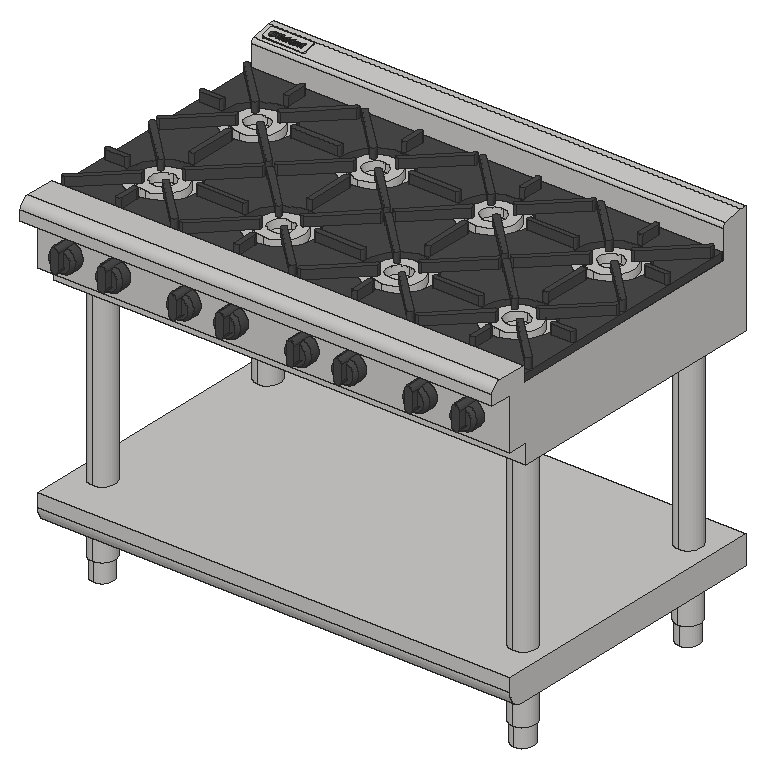
Revit family "QF_MOFFAT WALDORF_RNL8800G-LS", category Specialty Equipment, Revit 2012
Parameters
  Weight in Pounds = 348.33
  URL Cutsheet = "www.moffat.com"
  URL = "www.moffat.com"
  Type Mark [instance] = ""
  Status [instance] = ""
  Specification by User [instance] = ""
  Specification by Manufacturer = ""
  Show Logo [instance] = yes
  Show Casters [instance] = no
  Serial Number = ""
  Seismic Rating = ""
  SMACNA No = ""
  Revision Code [instance] = ""
  Omniclass Number and Title = ""
  NAFEM Spec ID Number = ""
  Model = "RNL8800G-LS"
  Mechanical Remarks [instance] = ""
  Mechanical Connection Type [instance] = ""
  Masterspec = ""
  Manufacturer = "MOFFAT WALDORF"
  Legs [instance] = not(Show Casters)  # yes
  Item Number [instance] = ""
  Installed By [instance] = ""
  Identify Quantity as Lot [instance] = yes
  Gas Size = 3/4"
  Gas RI Height [instance] = 0.0 mm
  Gas KW [instance] = 62.2
  Gas Input [instance] = 212311.0 Btu/h
  Gas Connection Height = 0.0 mm
  Furnished By [instance] = ""
  Foodservice Equipment Identifier [instance] = yes
  Description = "COOK TOP LOW SPLASHBACK GAS ON LEG STAND"
  CSI MasterFormat = ""
  CSI Master Format = ""
  Body Height [instance] = 915.0 mm
  Base Height [instance] = 150.0 mm
Reference planes
  plane 1 "BACK": y = 0
  plane 2: z = 0
  plane 3 "LEFT": x = 0
  plane 4 "RIGHT": x = 1200
  plane 5 "FRONT": y = -805
  plane 6 "TOP": z = 970
  plane 7 "Center Y": x = 600
  plane 8 "Center X": y = -402.5
  plane 9 "Base Height": z = 150
  plane 10: x = 1134
  plane 11: x = 65
  plane 12: z = 915
  plane 13: x = 65.8
Forms (mm)
  Extrusion 1, solid, material "QF_Finishes_Stainless Steel"
    sketch origin (0, 0, 0) x (0, 1, 0) y (0, 0, 1)
      loop
        line (-805, 891) -> (-805, 866) -> (-749, 866) -> (-749, 735) -> (-699, 735) -> (-699, 685.206) -> (0, 685.206) -> (0, 970) -> (-15.768, 970) -> (-61.106, 957.852)
        arc (-61.106, 957.852) -> (-67.52, 953.566) -> (-70, 946.261) r 12
        line (-70, 946.261) -> (-70, 875) -> (-705, 875) -> (-705, 915) -> (-781, 915)
        arc (-781, 915) -> (-797.971, 907.971) -> (-805, 891) r 24
      loop
        line (0, 222.5) -> (-749, 222.5) -> (-749, 188)
        arc (-749, 188) -> (-737.87, 161.13) -> (-711, 150) r 38
        line (-711, 150) -> (0, 150) -> (0, 222.5)
    from 0 to 1200
  Revolve 2, solid, material "QF_Finishes_Black"
    sketch origin (210, 0, 763.395) x (0, -1, 0) y (0, 0, 1)
      loop
        line (782, 69.605) -> (759, 69.605) -> (759, 42.105) -> (749, 42.105) -> (749, 37.105) -> (793, 37.105) -> (793, 63.757) -> (782, 69.605)
      axis (793, 37.105) -> (749, 37.105)
    angle from 0 to 360
  Extrusion 3, solid, material "QF_Finishes_Black"
    sketch origin (-78.431, 0, 659.398) x (1, 0, 0) y (0, 0, 1)
      loop
        line (298.431, 129) -> (298.431, 167.997)
        arc (298.431, 167.997) -> (288.431, 177.997) -> (278.431, 167.997) r 10
        line (278.431, 167.997) -> (278.431, 129)
        arc (278.431, 129) -> (288.431, 119) -> (298.431, 129) r 10
    from 759 to 808
  Extrusion 4, solid, material "QF_Finishes_Stainless Steel"
    sketch origin (705, 3, 100) x (1, 0, 0) y (0, 1, 0)
      loop
        circle (365, -35) r 13.5
    from 555 to 585.206
  Revolve 5, solid, material "QF_Finishes_Black"
    sketch origin (89.999, 0, 763.268) x (0, 1, 0) y (0, 0, -1)
      loop
        line (-782, -69.5) -> (-759, -69.5) -> (-759, -42) -> (-749, -42) -> (-749, -37) -> (-793, -37) -> (-793, -63.651) -> (-782, -69.5)
      axis (-793, -37) -> (-749, -37)
    angle from 0 to 360
  Extrusion 6, solid, material "QF_Finishes_Black"
    sketch origin (228.269, 0, 763.426) x (-1, 0, 0) y (0, 0, -1)
      loop
        arc (148.269, -24.969) -> (138.269, -14.969) -> (128.269, -24.969) r 10
        line (128.269, -24.969) -> (128.269, -63.969)
        arc (128.269, -63.969) -> (138.269, -73.969) -> (148.269, -63.969) r 10
        line (148.269, -63.969) -> (148.269, -24.969)
    from 759 to 808
  Extrusion 7, solid, material "QF_Finishes_Black"
    sketch origin (0, -77.436, 875) x (0, -1, 0) y (1, 0, 0)
      loop
        arc (-6.436, 4) -> (-5.558, 1.879) -> (-3.436, 1) r 3
        line (-3.436, 1) -> (623.564, 1)
        arc (623.564, 1) -> (625.685, 1.879) -> (626.564, 4) r 3
        line (626.564, 4) -> (626.564, 1196)
        arc (626.564, 1196) -> (625.685, 1198.121) -> (623.564, 1199) r 3
        line (623.564, 1199) -> (-3.436, 1199)
        arc (-3.436, 1199) -> (-5.558, 1198.121) -> (-6.436, 1196) r 3
        line (-6.436, 1196) -> (-6.436, 4)
      loop
        circle (160.064, 150) r 84.082
      loop
        circle (460.064, 150) r 84.082
      loop
        circle (460.064, 1050) r 84.082
      loop
        circle (160.064, 1050) r 84.082
      loop
        circle (160.064, 450) r 84.082
      loop
        circle (460.064, 450) r 84.082
      loop
        circle (160.064, 750) r 84.082
      loop
        circle (460.064, 750) r 84.082
    from 0 to 19.5
  Extrusion 8, solid, material "QF_Finishes_Black"
    sketch origin (0, -77.436, 894.5) x (0, -1, 0) y (1, 0, 0)
      loop
        spline (316.166, 15.153) -> (315.245, 13.924) -> (314.695, 12.47) -> (314.554, 10.89) -> (314.831, 9.292) -> (315.507, 7.786) -> (316.537, 6.473) -> (317.85, 5.443) -> (319.356, 4.767) -> (320.954, 4.49) -> (322.533, 4.631) -> (323.988, 5.181) -> (325.217, 6.102)
        line (325.217, 6.102) -> (433.14, 114.025)
        spline (433.14, 114.025) -> (433.901, 115.095) -> (434.302, 116.399) -> (434.315, 117.851) -> (433.939, 119.35) -> (433.201, 120.795) -> (432.15, 122.086) -> (430.858, 123.137) -> (429.414, 123.875) -> (427.915, 124.251) -> (426.463, 124.238) -> (425.158, 123.837) -> (424.089, 123.076)
        line (424.089, 123.076) -> (316.166, 15.153)
      loop
        spline (251.962, 156.4) -> (250.668, 156.182) -> (249.462, 155.543) -> (248.426, 154.525) -> (247.632, 153.2) -> (247.132, 151.656) -> (246.962, 150) -> (247.132, 148.344) -> (247.632, 146.8) -> (248.426, 145.475) -> (249.462, 144.457) -> (250.668, 143.818) -> (251.962, 143.6)
        line (251.962, 143.6) -> (368.166, 143.6)
        spline (368.166, 143.6) -> (369.46, 143.818) -> (370.666, 144.457) -> (371.701, 145.475) -> (372.496, 146.8) -> (372.995, 148.344) -> (373.166, 150) -> (372.995, 151.656) -> (372.496, 153.2) -> (371.701, 154.525) -> (370.666, 155.543) -> (369.46, 156.182) -> (368.166, 156.4)
        line (368.166, 156.4) -> (251.962, 156.4)
      loop
        spline (601.166, 143.6) -> (602.46, 143.818) -> (603.666, 144.457) -> (604.701, 145.475) -> (605.496, 146.8) -> (605.995, 148.344) -> (606.166, 150) -> (605.995, 151.656) -> (605.496, 153.2) -> (604.701, 154.525) -> (603.666, 155.543) -> (602.46, 156.182) -> (601.166, 156.4)
        line (601.166, 156.4) -> (551.962, 156.4)
        spline (551.962, 156.4) -> (550.668, 156.182) -> (549.462, 155.543) -> (548.426, 154.525) -> (547.632, 153.2) -> (547.132, 151.656) -> (546.962, 150) -> (547.132, 148.344) -> (547.632, 146.8) -> (548.426, 145.475) -> (549.462, 144.457) -> (550.668, 143.818) -> (551.962, 143.6)
        line (551.962, 143.6) -> (601.166, 143.6)
      loop
        line (603.961, 15.153) -> (496.038, 123.076)
        spline (496.038, 123.076) -> (494.969, 123.837) -> (493.664, 124.238) -> (492.213, 124.251) -> (490.714, 123.875) -> (489.269, 123.137) -> (487.977, 122.086) -> (486.927, 120.795) -> (486.188, 119.35) -> (485.813, 117.851) -> (485.826, 116.399) -> (486.227, 115.095) -> (486.988, 114.025)
        line (486.988, 114.025) -> (594.911, 6.102)
        spline (594.911, 6.102) -> (595.98, 5.341) -> (597.285, 4.941) -> (598.736, 4.928) -> (600.235, 5.303) -> (601.68, 6.041) -> (602.972, 7.092) -> (604.022, 8.384) -> (604.761, 9.829) -> (605.136, 11.328) -> (605.123, 12.779) -> (604.722, 14.084) -> (603.961, 15.153)
      loop
        line (466.464, 8.898) -> (466.464, 58.102)
        spline (466.464, 58.102) -> (466.246, 59.396) -> (465.606, 60.602) -> (464.589, 61.638) -> (463.264, 62.432) -> (461.72, 62.932) -> (460.064, 63.102) -> (458.407, 62.932) -> (456.864, 62.432) -> (455.538, 61.638) -> (454.521, 60.602) -> (453.882, 59.396) -> (453.664, 58.102)
        line (453.664, 58.102) -> (453.664, 8.898)
        spline (453.664, 8.898) -> (453.882, 7.604) -> (454.521, 6.398) -> (455.538, 5.362) -> (456.864, 4.568) -> (458.407, 4.068) -> (460.064, 3.898) -> (461.72, 4.068) -> (463.264, 4.568) -> (464.589, 5.362) -> (465.606, 6.398) -> (466.246, 7.604) -> (466.464, 8.898)
      loop
        spline (16.166, 15.153) -> (15.245, 13.924) -> (14.695, 12.47) -> (14.554, 10.89) -> (14.831, 9.292) -> (15.507, 7.786) -> (16.537, 6.473) -> (17.85, 5.443) -> (19.356, 4.767) -> (20.954, 4.49) -> (22.533, 4.631) -> (23.988, 5.181) -> (25.217, 6.102)
        line (25.217, 6.102) -> (133.14, 114.025)
        spline (133.14, 114.025) -> (133.901, 115.095) -> (134.302, 116.399) -> (134.315, 117.851) -> (133.939, 119.35) -> (133.201, 120.795) -> (132.15, 122.086) -> (130.858, 123.137) -> (129.414, 123.875) -> (127.915, 124.251) -> (126.463, 124.238) -> (125.158, 123.837) -> (124.089, 123.076)
        line (124.089, 123.076) -> (16.166, 15.153)
      loop
        spline (18.962, 156.4) -> (17.668, 156.182) -> (16.462, 155.543) -> (15.426, 154.525) -> (14.632, 153.2) -> (14.132, 151.656) -> (13.962, 150) -> (14.132, 148.344) -> (14.632, 146.8) -> (15.426, 145.475) -> (16.462, 144.457) -> (17.668, 143.818) -> (18.962, 143.6)
        line (18.962, 143.6) -> (68.166, 143.6)
        spline (68.166, 143.6) -> (69.46, 143.818) -> (70.666, 144.457) -> (71.701, 145.475) -> (72.496, 146.8) -> (72.995, 148.344) -> (73.166, 150) -> (72.995, 151.656) -> (72.496, 153.2) -> (71.701, 154.525) -> (70.666, 155.543) -> (69.46, 156.182) -> (68.166, 156.4)
        line (68.166, 156.4) -> (18.962, 156.4)
      loop
        line (303.961, 15.153) -> (196.038, 123.076)
        spline (196.038, 123.076) -> (194.969, 123.837) -> (193.664, 124.238) -> (192.213, 124.251) -> (190.714, 123.875) -> (189.269, 123.137) -> (187.977, 122.086) -> (186.927, 120.795) -> (186.188, 119.35) -> (185.813, 117.851) -> (185.826, 116.399) -> (186.227, 115.095) -> (186.988, 114.025)
        line (186.988, 114.025) -> (294.911, 6.102)
        spline (294.911, 6.102) -> (295.98, 5.341) -> (297.285, 4.941) -> (298.736, 4.928) -> (300.235, 5.303) -> (301.68, 6.041) -> (302.972, 7.092) -> (304.022, 8.384) -> (304.761, 9.829) -> (305.136, 11.328) -> (305.123, 12.779) -> (304.722, 14.084) -> (303.961, 15.153)
      loop
        line (166.464, 8.898) -> (166.464, 58.102)
        spline (166.464, 58.102) -> (166.246, 59.396) -> (165.606, 60.602) -> (164.589, 61.638) -> (163.264, 62.432) -> (161.72, 62.932) -> (160.064, 63.102) -> (158.407, 62.932) -> (156.864, 62.432) -> (155.538, 61.638) -> (154.521, 60.602) -> (153.882, 59.396) -> (153.664, 58.102)
        line (153.664, 58.102) -> (153.664, 8.898)
        spline (153.664, 8.898) -> (153.882, 7.604) -> (154.521, 6.398) -> (155.538, 5.362) -> (156.864, 4.568) -> (158.407, 4.068) -> (160.064, 3.898) -> (161.72, 4.068) -> (163.264, 4.568) -> (164.589, 5.362) -> (165.606, 6.398) -> (166.246, 7.604) -> (166.464, 8.898)
      loop
        line (316.166, 284.847) -> (424.089, 176.924)
        spline (424.089, 176.924) -> (425.158, 176.163) -> (426.463, 175.762) -> (427.915, 175.749) -> (429.414, 176.125) -> (430.858, 176.863) -> (432.15, 177.914) -> (433.201, 179.205) -> (433.939, 180.65) -> (434.315, 182.149) -> (434.302, 183.601) -> (433.901, 184.905) -> (433.14, 185.975)
        line (433.14, 185.975) -> (325.217, 293.898)
        spline (325.217, 293.898) -> (323.988, 294.819) -> (322.533, 295.369) -> (320.954, 295.51) -> (319.356, 295.233) -> (317.85, 294.557) -> (316.537, 293.527) -> (315.507, 292.214) -> (314.831, 290.708) -> (314.554, 289.11) -> (314.695, 287.53) -> (315.245, 286.076) -> (316.166, 284.847)
      loop
        spline (603.961, 284.847) -> (604.722, 285.916) -> (605.123, 287.221) -> (605.136, 288.672) -> (604.761, 290.171) -> (604.022, 291.616) -> (602.972, 292.908) -> (601.68, 293.959) -> (600.235, 294.697) -> (598.736, 295.072) -> (597.285, 295.059) -> (595.98, 294.659) -> (594.911, 293.898)
        line (594.911, 293.898) -> (486.988, 185.975)
        spline (486.988, 185.975) -> (486.227, 184.905) -> (485.826, 183.601) -> (485.813, 182.149) -> (486.188, 180.65) -> (486.927, 179.205) -> (487.977, 177.914) -> (489.269, 176.863) -> (490.714, 176.125) -> (492.213, 175.749) -> (493.664, 175.762) -> (494.969, 176.163) -> (496.038, 176.924)
        line (496.038, 176.924) -> (603.961, 284.847)
      loop
        spline (453.664, 241.898) -> (453.882, 240.604) -> (454.521, 239.398) -> (455.538, 238.362) -> (456.864, 237.568) -> (458.407, 237.068) -> (460.064, 236.898) -> (461.72, 237.068) -> (463.264, 237.568) -> (464.589, 238.362) -> (465.606, 239.398) -> (466.246, 240.604) -> (466.464, 241.898)
        line (466.464, 241.898) -> (466.464, 358.102)
        spline (466.464, 358.102) -> (466.246, 359.396) -> (465.606, 360.602) -> (464.589, 361.638) -> (463.264, 362.432) -> (461.72, 362.932) -> (460.064, 363.102) -> (458.407, 362.932) -> (456.864, 362.432) -> (455.538, 361.638) -> (454.521, 360.602) -> (453.882, 359.396) -> (453.664, 358.102)
        line (453.664, 358.102) -> (453.664, 241.898)
      loop
        line (16.166, 284.847) -> (124.089, 176.924)
        spline (124.089, 176.924) -> (125.158, 176.163) -> (126.463, 175.762) -> (127.915, 175.749) -> (129.414, 176.125) -> (130.858, 176.863) -> (132.15, 177.914) -> (133.201, 179.205) -> (133.939, 180.65) -> (134.315, 182.149) -> (134.302, 183.601) -> (133.901, 184.905) -> (133.14, 185.975)
        line (133.14, 185.975) -> (25.217, 293.898)
        spline (25.217, 293.898) -> (23.988, 294.819) -> (22.533, 295.369) -> (20.954, 295.51) -> (19.356, 295.233) -> (17.85, 294.557) -> (16.537, 293.527) -> (15.507, 292.214) -> (14.831, 290.708) -> (14.554, 289.11) -> (14.695, 287.53) -> (15.245, 286.076) -> (16.166, 284.847)
      loop
        spline (303.961, 284.847) -> (304.722, 285.916) -> (305.123, 287.221) -> (305.136, 288.672) -> (304.761, 290.171) -> (304.022, 291.616) -> (302.972, 292.908) -> (301.68, 293.959) -> (300.235, 294.697) -> (298.736, 295.072) -> (297.285, 295.059) -> (295.98, 294.659) -> (294.911, 293.898)
        line (294.911, 293.898) -> (186.988, 185.975)
        spline (186.988, 185.975) -> (186.227, 184.905) -> (185.826, 183.601) -> (185.813, 182.149) -> (186.188, 180.65) -> (186.927, 179.205) -> (187.977, 177.914) -> (189.269, 176.863) -> (190.714, 176.125) -> (192.213, 175.749) -> (193.664, 175.762) -> (194.969, 176.163) -> (196.038, 176.924)
        line (196.038, 176.924) -> (303.961, 284.847)
      loop
        spline (166.464, 358.102) -> (166.246, 359.396) -> (165.606, 360.602) -> (164.589, 361.638) -> (163.264, 362.432) -> (161.72, 362.932) -> (160.064, 363.102) -> (158.407, 362.932) -> (156.864, 362.432) -> (155.538, 361.638) -> (154.521, 360.602) -> (153.882, 359.396) -> (153.664, 358.102)
        line (153.664, 358.102) -> (153.664, 241.898)
        spline (153.664, 241.898) -> (153.882, 240.604) -> (154.521, 239.398) -> (155.538, 238.362) -> (156.864, 237.568) -> (158.407, 237.068) -> (160.064, 236.898) -> (161.72, 237.068) -> (163.264, 237.568) -> (164.589, 238.362) -> (165.606, 239.398) -> (166.246, 240.604) -> (166.464, 241.898)
        line (166.464, 241.898) -> (166.464, 358.102)
      loop
        spline (316.166, 315.153) -> (315.245, 313.924) -> (314.695, 312.47) -> (314.554, 310.89) -> (314.831, 309.292) -> (315.507, 307.786) -> (316.537, 306.473) -> (317.85, 305.443) -> (319.356, 304.767) -> (320.954, 304.49) -> (322.533, 304.631) -> (323.988, 305.181) -> (325.217, 306.102)
        line (325.217, 306.102) -> (433.14, 414.025)
        spline (433.14, 414.025) -> (433.901, 415.095) -> (434.302, 416.399) -> (434.315, 417.851) -> (433.939, 419.35) -> (433.201, 420.795) -> (432.15, 422.086) -> (430.858, 423.137) -> (429.414, 423.875) -> (427.915, 424.251) -> (426.463, 424.238) -> (425.158, 423.837) -> (424.089, 423.076)
        line (424.089, 423.076) -> (316.166, 315.153)
      loop
        spline (251.962, 456.4) -> (250.668, 456.182) -> (249.462, 455.543) -> (248.426, 454.525) -> (247.632, 453.2) -> (247.132, 451.656) -> (246.962, 450) -> (247.132, 448.344) -> (247.632, 446.8) -> (248.426, 445.475) -> (249.462, 444.457) -> (250.668, 443.818) -> (251.962, 443.6)
        line (251.962, 443.6) -> (368.166, 443.6)
        spline (368.166, 443.6) -> (369.46, 443.818) -> (370.666, 444.457) -> (371.701, 445.475) -> (372.496, 446.8) -> (372.995, 448.344) -> (373.166, 450) -> (372.995, 451.656) -> (372.496, 453.2) -> (371.701, 454.525) -> (370.666, 455.543) -> (369.46, 456.182) -> (368.166, 456.4)
        line (368.166, 456.4) -> (251.962, 456.4)
      loop
        spline (601.166, 443.6) -> (602.46, 443.818) -> (603.666, 444.457) -> (604.701, 445.475) -> (605.496, 446.8) -> (605.995, 448.344) -> (606.166, 450) -> (605.995, 451.656) -> (605.496, 453.2) -> (604.701, 454.525) -> (603.666, 455.543) -> (602.46, 456.182) -> (601.166, 456.4)
        line (601.166, 456.4) -> (551.962, 456.4)
        spline (551.962, 456.4) -> (550.668, 456.182) -> (549.462, 455.543) -> (548.426, 454.525) -> (547.632, 453.2) -> (547.132, 451.656) -> (546.962, 450) -> (547.132, 448.344) -> (547.632, 446.8) -> (548.426, 445.475) -> (549.462, 444.457) -> (550.668, 443.818) -> (551.962, 443.6)
        line (551.962, 443.6) -> (601.166, 443.6)
      loop
        line (603.961, 315.153) -> (496.038, 423.076)
        spline (496.038, 423.076) -> (494.969, 423.837) -> (493.664, 424.238) -> (492.213, 424.251) -> (490.714, 423.875) -> (489.269, 423.137) -> (487.977, 422.086) -> (486.927, 420.795) -> (486.188, 419.35) -> (485.813, 417.851) -> (485.826, 416.399) -> (486.227, 415.095) -> (486.988, 414.025)
        line (486.988, 414.025) -> (594.911, 306.102)
        spline (594.911, 306.102) -> (595.98, 305.341) -> (597.285, 304.941) -> (598.736, 304.928) -> (600.235, 305.303) -> (601.68, 306.041) -> (602.972, 307.092) -> (604.022, 308.384) -> (604.761, 309.829) -> (605.136, 311.328) -> (605.123, 312.779) -> (604.722, 314.084) -> (603.961, 315.153)
      loop
        spline (16.166, 315.153) -> (15.245, 313.924) -> (14.695, 312.47) -> (14.554, 310.89) -> (14.831, 309.292) -> (15.507, 307.786) -> (16.537, 306.473) -> (17.85, 305.443) -> (19.356, 304.767) -> (20.954, 304.49) -> (22.533, 304.631) -> (23.988, 305.181) -> (25.217, 306.102)
        line (25.217, 306.102) -> (133.14, 414.025)
        spline (133.14, 414.025) -> (133.901, 415.095) -> (134.302, 416.399) -> (134.315, 417.851) -> (133.939, 419.35) -> (133.201, 420.795) -> (132.15, 422.086) -> (130.858, 423.137) -> (129.414, 423.875) -> (127.915, 424.251) -> (126.463, 424.238) -> (125.158, 423.837) -> (124.089, 423.076)
        line (124.089, 423.076) -> (16.166, 315.153)
      loop
        spline (18.962, 456.4) -> (17.668, 456.182) -> (16.462, 455.543) -> (15.426, 454.525) -> (14.632, 453.2) -> (14.132, 451.656) -> (13.962, 450) -> (14.132, 448.344) -> (14.632, 446.8) -> (15.426, 445.475) -> (16.462, 444.457) -> (17.668, 443.818) -> (18.962, 443.6)
        line (18.962, 443.6) -> (68.166, 443.6)
        spline (68.166, 443.6) -> (69.46, 443.818) -> (70.666, 444.457) -> (71.701, 445.475) -> (72.496, 446.8) -> (72.995, 448.344) -> (73.166, 450) -> (72.995, 451.656) -> (72.496, 453.2) -> (71.701, 454.525) -> (70.666, 455.543) -> (69.46, 456.182) -> (68.166, 456.4)
        line (68.166, 456.4) -> (18.962, 456.4)
      loop
        line (303.961, 315.153) -> (196.038, 423.076)
        spline (196.038, 423.076) -> (194.969, 423.837) -> (193.664, 424.238) -> (192.213, 424.251) -> (190.714, 423.875) -> (189.269, 423.137) -> (187.977, 422.086) -> (186.927, 420.795) -> (186.188, 419.35) -> (185.813, 417.851) -> (185.826, 416.399) -> (186.227, 415.095) -> (186.988, 414.025)
        line (186.988, 414.025) -> (294.911, 306.102)
        spline (294.911, 306.102) -> (295.98, 305.341) -> (297.285, 304.941) -> (298.736, 304.928) -> (300.235, 305.303) -> (301.68, 306.041) -> (302.972, 307.092) -> (304.022, 308.384) -> (304.761, 309.829) -> (305.136, 311.328) -> (305.123, 312.779) -> (304.722, 314.084) -> (303.961, 315.153)
      loop
        line (316.166, 584.847) -> (424.089, 476.924)
        spline (424.089, 476.924) -> (425.158, 476.163) -> (426.463, 475.762) -> (427.915, 475.749) -> (429.414, 476.125) -> (430.858, 476.863) -> (432.15, 477.914) -> (433.201, 479.205) -> (433.939, 480.65) -> (434.315, 482.149) -> (434.302, 483.601) -> (433.901, 484.905) -> (433.14, 485.975)
        line (433.14, 485.975) -> (325.217, 593.898)
        spline (325.217, 593.898) -> (323.988, 594.819) -> (322.533, 595.369) -> (320.954, 595.51) -> (319.356, 595.233) -> (317.85, 594.557) -> (316.537, 593.527) -> (315.507, 592.214) -> (314.831, 590.708) -> (314.554, 589.11) -> (314.695, 587.53) -> (315.245, 586.076) -> (316.166, 584.847)
      loop
        spline (603.961, 584.847) -> (604.722, 585.916) -> (605.123, 587.221) -> (605.136, 588.672) -> (604.761, 590.171) -> (604.022, 591.616) -> (602.972, 592.908) -> (601.68, 593.959) -> (600.235, 594.697) -> (598.736, 595.072) -> (597.285, 595.059) -> (595.98, 594.659) -> (594.911, 593.898)
        line (594.911, 593.898) -> (486.988, 485.975)
        spline (486.988, 485.975) -> (486.227, 484.905) -> (485.826, 483.601) -> (485.813, 482.149) -> (486.188, 480.65) -> (486.927, 479.205) -> (487.977, 477.914) -> (489.269, 476.863) -> (490.714, 476.125) -> (492.213, 475.749) -> (493.664, 475.762) -> (494.969, 476.163) -> (496.038, 476.924)
        line (496.038, 476.924) -> (603.961, 584.847)
      loop
        spline (466.464, 658.102) -> (466.246, 659.396) -> (465.606, 660.602) -> (464.589, 661.638) -> (463.264, 662.432) -> (461.72, 662.932) -> (460.064, 663.102) -> (458.407, 662.932) -> (456.864, 662.432) -> (455.538, 661.638) -> (454.521, 660.602) -> (453.882, 659.396) -> (453.664, 658.102)
        line (453.664, 658.102) -> (453.664, 541.898)
        spline (453.664, 541.898) -> (453.882, 540.604) -> (454.521, 539.398) -> (455.538, 538.362) -> (456.864, 537.568) -> (458.407, 537.068) -> (460.064, 536.898) -> (461.72, 537.068) -> (463.264, 537.568) -> (464.589, 538.362) -> (465.606, 539.398) -> (466.246, 540.604) -> (466.464, 541.898)
        line (466.464, 541.898) -> (466.464, 658.102)
      loop
        line (16.166, 584.847) -> (124.089, 476.924)
        spline (124.089, 476.924) -> (125.158, 476.163) -> (126.463, 475.762) -> (127.915, 475.749) -> (129.414, 476.125) -> (130.858, 476.863) -> (132.15, 477.914) -> (133.201, 479.205) -> (133.939, 480.65) -> (134.315, 482.149) -> (134.302, 483.601) -> (133.901, 484.905) -> (133.14, 485.975)
        line (133.14, 485.975) -> (25.217, 593.898)
        spline (25.217, 593.898) -> (23.988, 594.819) -> (22.533, 595.369) -> (20.954, 595.51) -> (19.356, 595.233) -> (17.85, 594.557) -> (16.537, 593.527) -> (15.507, 592.214) -> (14.831, 590.708) -> (14.554, 589.11) -> (14.695, 587.53) -> (15.245, 586.076) -> (16.166, 584.847)
      loop
        spline (303.961, 584.847) -> (304.722, 585.916) -> (305.123, 587.221) -> (305.136, 588.672) -> (304.761, 590.171) -> (304.022, 591.616) -> (302.972, 592.908) -> (301.68, 593.959) -> (300.235, 594.697) -> (298.736, 595.072) -> (297.285, 595.059) -> (295.98, 594.659) -> (294.911, 593.898)
        line (294.911, 593.898) -> (186.988, 485.975)
        spline (186.988, 485.975) -> (186.227, 484.905) -> (185.826, 483.601) -> (185.813, 482.149) -> (186.188, 480.65) -> (186.927, 479.205) -> (187.977, 477.914) -> (189.269, 476.863) -> (190.714, 476.125) -> (192.213, 475.749) -> (193.664, 475.762) -> (194.969, 476.163) -> (196.038, 476.924)
        line (196.038, 476.924) -> (303.961, 584.847)
      loop
        spline (166.464, 658.102) -> (166.246, 659.396) -> (165.606, 660.602) -> (164.589, 661.638) -> (163.264, 662.432) -> (161.72, 662.932) -> (160.064, 663.102) -> (158.407, 662.932) -> (156.864, 662.432) -> (155.538, 661.638) -> (154.521, 660.602) -> (153.882, 659.396) -> (153.664, 658.102)
        line (153.664, 658.102) -> (153.664, 541.898)
        spline (153.664, 541.898) -> (153.882, 540.604) -> (154.521, 539.398) -> (155.538, 538.362) -> (156.864, 537.568) -> (158.407, 537.068) -> (160.064, 536.898) -> (161.72, 537.068) -> (163.264, 537.568) -> (164.589, 538.362) -> (165.606, 539.398) -> (166.246, 540.604) -> (166.464, 541.898)
        line (166.464, 541.898) -> (166.464, 658.102)
      loop
        line (316.166, 1184.847) -> (424.089, 1076.924)
        spline (424.089, 1076.924) -> (425.158, 1076.163) -> (426.463, 1075.762) -> (427.915, 1075.749) -> (429.414, 1076.125) -> (430.858, 1076.863) -> (432.15, 1077.914) -> (433.201, 1079.205) -> (433.939, 1080.65) -> (434.315, 1082.149) -> (434.302, 1083.601) -> (433.901, 1084.905) -> (433.14, 1085.975)
        line (433.14, 1085.975) -> (325.217, 1193.898)
        spline (325.217, 1193.898) -> (323.988, 1194.819) -> (322.533, 1195.369) -> (320.954, 1195.51) -> (319.356, 1195.233) -> (317.85, 1194.557) -> (316.537, 1193.527) -> (315.507, 1192.214) -> (314.831, 1190.708) -> (314.554, 1189.11) -> (314.695, 1187.53) -> (315.245, 1186.076) -> (316.166, 1184.847)
      loop
        line (251.962, 1043.6) -> (368.166, 1043.6)
        spline (368.166, 1043.6) -> (369.46, 1043.818) -> (370.666, 1044.457) -> (371.701, 1045.475) -> (372.496, 1046.8) -> (372.995, 1048.344) -> (373.166, 1050) -> (372.995, 1051.656) -> (372.496, 1053.2) -> (371.701, 1054.525) -> (370.666, 1055.543) -> (369.46, 1056.182) -> (368.166, 1056.4)
        line (368.166, 1056.4) -> (251.962, 1056.4)
        spline (251.962, 1056.4) -> (250.668, 1056.182) -> (249.462, 1055.543) -> (248.426, 1054.525) -> (247.632, 1053.2) -> (247.132, 1051.656) -> (246.962, 1050) -> (247.132, 1048.344) -> (247.632, 1046.8) -> (248.426, 1045.475) -> (249.462, 1044.457) -> (250.668, 1043.818) -> (251.962, 1043.6)
      loop
        line (601.166, 1056.4) -> (551.962, 1056.4)
        spline (551.962, 1056.4) -> (550.668, 1056.182) -> (549.462, 1055.543) -> (548.426, 1054.525) -> (547.632, 1053.2) -> (547.132, 1051.656) -> (546.962, 1050) -> (547.132, 1048.344) -> (547.632, 1046.8) -> (548.426, 1045.475) -> (549.462, 1044.457) -> (550.668, 1043.818) -> (551.962, 1043.6)
        line (551.962, 1043.6) -> (601.166, 1043.6)
        spline (601.166, 1043.6) -> (602.46, 1043.818) -> (603.666, 1044.457) -> (604.701, 1045.475) -> (605.496, 1046.8) -> (605.995, 1048.344) -> (606.166, 1050) -> (605.995, 1051.656) -> (605.496, 1053.2) -> (604.701, 1054.525) -> (603.666, 1055.543) -> (602.46, 1056.182) -> (601.166, 1056.4)
      loop
        spline (603.961, 1184.847) -> (604.722, 1185.916) -> (605.123, 1187.221) -> (605.136, 1188.672) -> (604.761, 1190.171) -> (604.022, 1191.616) -> (602.972, 1192.908) -> (601.68, 1193.959) -> (600.235, 1194.697) -> (598.736, 1195.072) -> (597.285, 1195.059) -> (595.98, 1194.659) -> (594.911, 1193.898)
        line (594.911, 1193.898) -> (486.988, 1085.975)
        spline (486.988, 1085.975) -> (486.227, 1084.905) -> (485.826, 1083.601) -> (485.813, 1082.149) -> (486.188, 1080.65) -> (486.927, 1079.205) -> (487.977, 1077.914) -> (489.269, 1076.863) -> (490.714, 1076.125) -> (492.213, 1075.749) -> (493.664, 1075.762) -> (494.969, 1076.163) -> (496.038, 1076.924)
        line (496.038, 1076.924) -> (603.961, 1184.847)
      loop
        spline (466.464, 1191.102) -> (466.246, 1192.396) -> (465.606, 1193.602) -> (464.589, 1194.638) -> (463.264, 1195.432) -> (461.72, 1195.932) -> (460.064, 1196.102) -> (458.407, 1195.932) -> (456.864, 1195.432) -> (455.538, 1194.638) -> (454.521, 1193.602) -> (453.882, 1192.396) -> (453.664, 1191.102)
        line (453.664, 1191.102) -> (453.664, 1141.898)
        spline (453.664, 1141.898) -> (453.882, 1140.604) -> (454.521, 1139.398) -> (455.538, 1138.362) -> (456.864, 1137.568) -> (458.407, 1137.068) -> (460.064, 1136.898) -> (461.72, 1137.068) -> (463.264, 1137.568) -> (464.589, 1138.362) -> (465.606, 1139.398) -> (466.246, 1140.604) -> (466.464, 1141.898)
        line (466.464, 1141.898) -> (466.464, 1191.102)
      loop
        line (16.166, 1184.847) -> (124.089, 1076.924)
        spline (124.089, 1076.924) -> (125.158, 1076.163) -> (126.463, 1075.762) -> (127.915, 1075.749) -> (129.414, 1076.125) -> (130.858, 1076.863) -> (132.15, 1077.914) -> (133.201, 1079.205) -> (133.939, 1080.65) -> (134.315, 1082.149) -> (134.302, 1083.601) -> (133.901, 1084.905) -> (133.14, 1085.975)
        line (133.14, 1085.975) -> (25.217, 1193.898)
        spline (25.217, 1193.898) -> (23.988, 1194.819) -> (22.533, 1195.369) -> (20.954, 1195.51) -> (19.356, 1195.233) -> (17.85, 1194.557) -> (16.537, 1193.527) -> (15.507, 1192.214) -> (14.831, 1190.708) -> (14.554, 1189.11) -> (14.695, 1187.53) -> (15.245, 1186.076) -> (16.166, 1184.847)
      loop
        line (18.962, 1043.6) -> (68.166, 1043.6)
        spline (68.166, 1043.6) -> (69.46, 1043.818) -> (70.666, 1044.457) -> (71.701, 1045.475) -> (72.496, 1046.8) -> (72.995, 1048.344) -> (73.166, 1050) -> (72.995, 1051.656) -> (72.496, 1053.2) -> (71.701, 1054.525) -> (70.666, 1055.543) -> (69.46, 1056.182) -> (68.166, 1056.4)
        line (68.166, 1056.4) -> (18.962, 1056.4)
        spline (18.962, 1056.4) -> (17.668, 1056.182) -> (16.462, 1055.543) -> (15.426, 1054.525) -> (14.632, 1053.2) -> (14.132, 1051.656) -> (13.962, 1050) -> (14.132, 1048.344) -> (14.632, 1046.8) -> (15.426, 1045.475) -> (16.462, 1044.457) -> (17.668, 1043.818) -> (18.962, 1043.6)
      loop
        spline (303.961, 1184.847) -> (304.722, 1185.916) -> (305.123, 1187.221) -> (305.136, 1188.672) -> (304.761, 1190.171) -> (304.022, 1191.616) -> (302.972, 1192.908) -> (301.68, 1193.959) -> (300.235, 1194.697) -> (298.736, 1195.072) -> (297.285, 1195.059) -> (295.98, 1194.659) -> (294.911, 1193.898)
        line (294.911, 1193.898) -> (186.988, 1085.975)
        spline (186.988, 1085.975) -> (186.227, 1084.905) -> (185.826, 1083.601) -> (185.813, 1082.149) -> (186.188, 1080.65) -> (186.927, 1079.205) -> (187.977, 1077.914) -> (189.269, 1076.863) -> (190.714, 1076.125) -> (192.213, 1075.749) -> (193.664, 1075.762) -> (194.969, 1076.163) -> (196.038, 1076.924)
        line (196.038, 1076.924) -> (303.961, 1184.847)
      loop
        spline (166.464, 1191.102) -> (166.246, 1192.396) -> (165.606, 1193.602) -> (164.589, 1194.638) -> (163.264, 1195.432) -> (161.72, 1195.932) -> (160.064, 1196.102) -> (158.407, 1195.932) -> (156.864, 1195.432) -> (155.538, 1194.638) -> (154.521, 1193.602) -> (153.882, 1192.396) -> (153.664, 1191.102)
        line (153.664, 1191.102) -> (153.664, 1141.898)
        spline (153.664, 1141.898) -> (153.882, 1140.604) -> (154.521, 1139.398) -> (155.538, 1138.362) -> (156.864, 1137.568) -> (158.407, 1137.068) -> (160.064, 1136.898) -> (161.72, 1137.068) -> (163.264, 1137.568) -> (164.589, 1138.362) -> (165.606, 1139.398) -> (166.246, 1140.604) -> (166.464, 1141.898)
        line (166.464, 1141.898) -> (166.464, 1191.102)
      loop
        spline (316.166, 915.153) -> (315.245, 913.924) -> (314.695, 912.47) -> (314.554, 910.89) -> (314.831, 909.292) -> (315.507, 907.786) -> (316.537, 906.473) -> (317.85, 905.443) -> (319.356, 904.767) -> (320.954, 904.49) -> (322.533, 904.631) -> (323.988, 905.181) -> (325.217, 906.102)
        line (325.217, 906.102) -> (433.14, 1014.025)
        spline (433.14, 1014.025) -> (433.901, 1015.095) -> (434.302, 1016.399) -> (434.315, 1017.851) -> (433.939, 1019.35) -> (433.201, 1020.795) -> (432.15, 1022.086) -> (430.858, 1023.137) -> (429.414, 1023.875) -> (427.915, 1024.251) -> (426.463, 1024.238) -> (425.158, 1023.837) -> (424.089, 1023.076)
        line (424.089, 1023.076) -> (316.166, 915.153)
      loop
        line (603.961, 915.153) -> (496.038, 1023.076)
        spline (496.038, 1023.076) -> (494.969, 1023.837) -> (493.664, 1024.238) -> (492.213, 1024.251) -> (490.714, 1023.875) -> (489.269, 1023.137) -> (487.977, 1022.086) -> (486.927, 1020.795) -> (486.188, 1019.35) -> (485.813, 1017.851) -> (485.826, 1016.399) -> (486.227, 1015.095) -> (486.988, 1014.025)
        line (486.988, 1014.025) -> (594.911, 906.102)
        spline (594.911, 906.102) -> (595.98, 905.341) -> (597.285, 904.941) -> (598.736, 904.928) -> (600.235, 905.303) -> (601.68, 906.041) -> (602.972, 907.092) -> (604.022, 908.384) -> (604.761, 909.829) -> (605.136, 911.328) -> (605.123, 912.779) -> (604.722, 914.084) -> (603.961, 915.153)
      loop
        line (453.664, 958.102) -> (453.664, 841.898)
        spline (453.664, 841.898) -> (453.882, 840.604) -> (454.521, 839.398) -> (455.538, 838.362) -> (456.864, 837.568) -> (458.407, 837.068) -> (460.064, 836.898) -> (461.72, 837.068) -> (463.264, 837.568) -> (464.589, 838.362) -> (465.606, 839.398) -> (466.246, 840.604) -> (466.464, 841.898)
        line (466.464, 841.898) -> (466.464, 958.102)
        spline (466.464, 958.102) -> (466.246, 959.396) -> (465.606, 960.602) -> (464.589, 961.638) -> (463.264, 962.432) -> (461.72, 962.932) -> (460.064, 963.102) -> (458.407, 962.932) -> (456.864, 962.432) -> (455.538, 961.638) -> (454.521, 960.602) -> (453.882, 959.396) -> (453.664, 958.102)
      loop
        spline (16.166, 915.153) -> (15.245, 913.924) -> (14.695, 912.47) -> (14.554, 910.89) -> (14.831, 909.292) -> (15.507, 907.786) -> (16.537, 906.473) -> (17.85, 905.443) -> (19.356, 904.767) -> (20.954, 904.49) -> (22.533, 904.631) -> (23.988, 905.181) -> (25.217, 906.102)
        line (25.217, 906.102) -> (133.14, 1014.025)
        spline (133.14, 1014.025) -> (133.901, 1015.095) -> (134.302, 1016.399) -> (134.315, 1017.851) -> (133.939, 1019.35) -> (133.201, 1020.795) -> (132.15, 1022.086) -> (130.858, 1023.137) -> (129.414, 1023.875) -> (127.915, 1024.251) -> (126.463, 1024.238) -> (125.158, 1023.837) -> (124.089, 1023.076)
        line (124.089, 1023.076) -> (16.166, 915.153)
      loop
        line (303.961, 915.153) -> (196.038, 1023.076)
        spline (196.038, 1023.076) -> (194.969, 1023.837) -> (193.664, 1024.238) -> (192.213, 1024.251) -> (190.714, 1023.875) -> (189.269, 1023.137) -> (187.977, 1022.086) -> (186.927, 1020.795) -> (186.188, 1019.35) -> (185.813, 1017.851) -> (185.826, 1016.399) -> (186.227, 1015.095) -> (186.988, 1014.025)
        line (186.988, 1014.025) -> (294.911, 906.102)
        spline (294.911, 906.102) -> (295.98, 905.341) -> (297.285, 904.941) -> (298.736, 904.928) -> (300.235, 905.303) -> (301.68, 906.041) -> (302.972, 907.092) -> (304.022, 908.384) -> (304.761, 909.829) -> (305.136, 911.328) -> (305.123, 912.779) -> (304.722, 914.084) -> (303.961, 915.153)
      loop
        line (166.464, 841.898) -> (166.464, 958.102)
        spline (166.464, 958.102) -> (166.246, 959.396) -> (165.606, 960.602) -> (164.589, 961.638) -> (163.264, 962.432) -> (161.72, 962.932) -> (160.064, 963.102) -> (158.407, 962.932) -> (156.864, 962.432) -> (155.538, 961.638) -> (154.521, 960.602) -> (153.882, 959.396) -> (153.664, 958.102)
        line (153.664, 958.102) -> (153.664, 841.898)
        spline (153.664, 841.898) -> (153.882, 840.604) -> (154.521, 839.398) -> (155.538, 838.362) -> (156.864, 837.568) -> (158.407, 837.068) -> (160.064, 836.898) -> (161.72, 837.068) -> (163.264, 837.568) -> (164.589, 838.362) -> (165.606, 839.398) -> (166.246, 840.604) -> (166.464, 841.898)
      loop
        line (316.166, 884.847) -> (424.089, 776.924)
        spline (424.089, 776.924) -> (425.158, 776.163) -> (426.463, 775.762) -> (427.915, 775.749) -> (429.414, 776.125) -> (430.858, 776.863) -> (432.15, 777.914) -> (433.201, 779.205) -> (433.939, 780.65) -> (434.315, 782.149) -> (434.302, 783.601) -> (433.901, 784.905) -> (433.14, 785.975)
        line (433.14, 785.975) -> (325.217, 893.898)
        spline (325.217, 893.898) -> (323.988, 894.819) -> (322.533, 895.369) -> (320.954, 895.51) -> (319.356, 895.233) -> (317.85, 894.557) -> (316.537, 893.527) -> (315.507, 892.214) -> (314.831, 890.708) -> (314.554, 889.11) -> (314.695, 887.53) -> (315.245, 886.076) -> (316.166, 884.847)
      loop
        line (251.962, 743.6) -> (368.166, 743.6)
        spline (368.166, 743.6) -> (369.46, 743.818) -> (370.666, 744.457) -> (371.701, 745.475) -> (372.496, 746.8) -> (372.995, 748.344) -> (373.166, 750) -> (372.995, 751.656) -> (372.496, 753.2) -> (371.701, 754.525) -> (370.666, 755.543) -> (369.46, 756.182) -> (368.166, 756.4)
        line (368.166, 756.4) -> (251.962, 756.4)
        spline (251.962, 756.4) -> (250.668, 756.182) -> (249.462, 755.543) -> (248.426, 754.525) -> (247.632, 753.2) -> (247.132, 751.656) -> (246.962, 750) -> (247.132, 748.344) -> (247.632, 746.8) -> (248.426, 745.475) -> (249.462, 744.457) -> (250.668, 743.818) -> (251.962, 743.6)
      loop
        line (601.166, 756.4) -> (551.962, 756.4)
        spline (551.962, 756.4) -> (550.668, 756.182) -> (549.462, 755.543) -> (548.426, 754.525) -> (547.632, 753.2) -> (547.132, 751.656) -> (546.962, 750) -> (547.132, 748.344) -> (547.632, 746.8) -> (548.426, 745.475) -> (549.462, 744.457) -> (550.668, 743.818) -> (551.962, 743.6)
        line (551.962, 743.6) -> (601.166, 743.6)
        spline (601.166, 743.6) -> (602.46, 743.818) -> (603.666, 744.457) -> (604.701, 745.475) -> (605.496, 746.8) -> (605.995, 748.344) -> (606.166, 750) -> (605.995, 751.656) -> (605.496, 753.2) -> (604.701, 754.525) -> (603.666, 755.543) -> (602.46, 756.182) -> (601.166, 756.4)
      loop
        spline (603.961, 884.847) -> (604.722, 885.916) -> (605.123, 887.221) -> (605.136, 888.672) -> (604.761, 890.171) -> (604.022, 891.616) -> (602.972, 892.908) -> (601.68, 893.959) -> (600.235, 894.697) -> (598.736, 895.072) -> (597.285, 895.059) -> (595.98, 894.659) -> (594.911, 893.898)
        line (594.911, 893.898) -> (486.988, 785.975)
        spline (486.988, 785.975) -> (486.227, 784.905) -> (485.826, 783.601) -> (485.813, 782.149) -> (486.188, 780.65) -> (486.927, 779.205) -> (487.977, 777.914) -> (489.269, 776.863) -> (490.714, 776.125) -> (492.213, 775.749) -> (493.664, 775.762) -> (494.969, 776.163) -> (496.038, 776.924)
        line (496.038, 776.924) -> (603.961, 884.847)
      loop
        line (16.166, 884.847) -> (124.089, 776.924)
        spline (124.089, 776.924) -> (125.158, 776.163) -> (126.463, 775.762) -> (127.915, 775.749) -> (129.414, 776.125) -> (130.858, 776.863) -> (132.15, 777.914) -> (133.201, 779.205) -> (133.939, 780.65) -> (134.315, 782.149) -> (134.302, 783.601) -> (133.901, 784.905) -> (133.14, 785.975)
        line (133.14, 785.975) -> (25.217, 893.898)
        spline (25.217, 893.898) -> (23.988, 894.819) -> (22.533, 895.369) -> (20.954, 895.51) -> (19.356, 895.233) -> (17.85, 894.557) -> (16.537, 893.527) -> (15.507, 892.214) -> (14.831, 890.708) -> (14.554, 889.11) -> (14.695, 887.53) -> (15.245, 886.076) -> (16.166, 884.847)
      loop
        line (18.962, 743.6) -> (68.166, 743.6)
        spline (68.166, 743.6) -> (69.46, 743.818) -> (70.666, 744.457) -> (71.701, 745.475) -> (72.496, 746.8) -> (72.995, 748.344) -> (73.166, 750) -> (72.995, 751.656) -> (72.496, 753.2) -> (71.701, 754.525) -> (70.666, 755.543) -> (69.46, 756.182) -> (68.166, 756.4)
        line (68.166, 756.4) -> (18.962, 756.4)
        spline (18.962, 756.4) -> (17.668, 756.182) -> (16.462, 755.543) -> (15.426, 754.525) -> (14.632, 753.2) -> (14.132, 751.656) -> (13.962, 750) -> (14.132, 748.344) -> (14.632, 746.8) -> (15.426, 745.475) -> (16.462, 744.457) -> (17.668, 743.818) -> (18.962, 743.6)
      loop
        spline (303.961, 884.847) -> (304.722, 885.916) -> (305.123, 887.221) -> (305.136, 888.672) -> (304.761, 890.171) -> (304.022, 891.616) -> (302.972, 892.908) -> (301.68, 893.959) -> (300.235, 894.697) -> (298.736, 895.072) -> (297.285, 895.059) -> (295.98, 894.659) -> (294.911, 893.898)
        line (294.911, 893.898) -> (186.988, 785.975)
        spline (186.988, 785.975) -> (186.227, 784.905) -> (185.826, 783.601) -> (185.813, 782.149) -> (186.188, 780.65) -> (186.927, 779.205) -> (187.977, 777.914) -> (189.269, 776.863) -> (190.714, 776.125) -> (192.213, 775.749) -> (193.664, 775.762) -> (194.969, 776.163) -> (196.038, 776.924)
        line (196.038, 776.924) -> (303.961, 884.847)
      loop
        spline (316.166, 615.153) -> (315.245, 613.924) -> (314.695, 612.47) -> (314.554, 610.89) -> (314.831, 609.292) -> (315.507, 607.786) -> (316.537, 606.473) -> (317.85, 605.443) -> (319.356, 604.767) -> (320.954, 604.49) -> (322.533, 604.631) -> (323.988, 605.181) -> (325.217, 606.102)
        line (325.217, 606.102) -> (433.14, 714.025)
        spline (433.14, 714.025) -> (433.901, 715.095) -> (434.302, 716.399) -> (434.315, 717.851) -> (433.939, 719.35) -> (433.201, 720.795) -> (432.15, 722.086) -> (430.858, 723.137) -> (429.414, 723.875) -> (427.915, 724.251) -> (426.463, 724.238) -> (425.158, 723.837) -> (424.089, 723.076)
        line (424.089, 723.076) -> (316.166, 615.153)
      loop
        line (603.961, 615.153) -> (496.038, 723.076)
        spline (496.038, 723.076) -> (494.969, 723.837) -> (493.664, 724.238) -> (492.213, 724.251) -> (490.714, 723.875) -> (489.269, 723.137) -> (487.977, 722.086) -> (486.927, 720.795) -> (486.188, 719.35) -> (485.813, 717.851) -> (485.826, 716.399) -> (486.227, 715.095) -> (486.988, 714.025)
        line (486.988, 714.025) -> (594.911, 606.102)
        spline (594.911, 606.102) -> (595.98, 605.341) -> (597.285, 604.941) -> (598.736, 604.928) -> (600.235, 605.303) -> (601.68, 606.041) -> (602.972, 607.092) -> (604.022, 608.384) -> (604.761, 609.829) -> (605.136, 611.328) -> (605.123, 612.779) -> (604.722, 614.084) -> (603.961, 615.153)
      loop
        spline (16.166, 615.153) -> (15.245, 613.924) -> (14.695, 612.47) -> (14.554, 610.89) -> (14.831, 609.292) -> (15.507, 607.786) -> (16.537, 606.473) -> (17.85, 605.443) -> (19.356, 604.767) -> (20.954, 604.49) -> (22.533, 604.631) -> (23.988, 605.181) -> (25.217, 606.102)
        line (25.217, 606.102) -> (133.14, 714.025)
        spline (133.14, 714.025) -> (133.901, 715.095) -> (134.302, 716.399) -> (134.315, 717.851) -> (133.939, 719.35) -> (133.201, 720.795) -> (132.15, 722.086) -> (130.858, 723.137) -> (129.414, 723.875) -> (127.915, 724.251) -> (126.463, 724.238) -> (125.158, 723.837) -> (124.089, 723.076)
        line (124.089, 723.076) -> (16.166, 615.153)
      loop
        line (303.961, 615.153) -> (196.038, 723.076)
        spline (196.038, 723.076) -> (194.969, 723.837) -> (193.664, 724.238) -> (192.213, 724.251) -> (190.714, 723.875) -> (189.269, 723.137) -> (187.977, 722.086) -> (186.927, 720.795) -> (186.188, 719.35) -> (185.813, 717.851) -> (185.826, 716.399) -> (186.227, 715.095) -> (186.988, 714.025)
        line (186.988, 714.025) -> (294.911, 606.102)
        spline (294.911, 606.102) -> (295.98, 605.341) -> (297.285, 604.941) -> (298.736, 604.928) -> (300.235, 605.303) -> (301.68, 606.041) -> (302.972, 607.092) -> (304.022, 608.384) -> (304.761, 609.829) -> (305.136, 611.328) -> (305.123, 612.779) -> (304.722, 614.084) -> (303.961, 615.153)
    from 0 to 23.5
  Revolve 9, solid, material "QF_Finishes_Black"
    sketch origin (510, 0, 763.395) x (0, -1, 0) y (0, 0, 1)
      loop
        line (782, 69.605) -> (759, 69.605) -> (759, 42.105) -> (749, 42.105) -> (749, 37.105) -> (793, 37.105) -> (793, 63.757) -> (782, 69.605)
      axis (793, 37.105) -> (749, 37.105)
    angle from 0 to 360
  Extrusion 10, solid, material "QF_Finishes_Black"
    sketch origin (221.569, 0, 659.398) x (1, 0, 0) y (0, 0, 1)
      loop
        line (298.431, 129) -> (298.431, 167.997)
        arc (298.431, 167.997) -> (288.431, 177.997) -> (278.431, 167.997) r 10
        line (278.431, 167.997) -> (278.431, 129)
        arc (278.431, 129) -> (288.431, 119) -> (298.431, 129) r 10
    from 759 to 808
  Revolve 11, solid, material "QF_Finishes_Black"
    sketch origin (389.999, 0, 763.268) x (0, 1, 0) y (0, 0, -1)
      loop
        line (-782, -69.5) -> (-759, -69.5) -> (-759, -42) -> (-749, -42) -> (-749, -37) -> (-793, -37) -> (-793, -63.651) -> (-782, -69.5)
      axis (-793, -37) -> (-749, -37)
    angle from 0 to 360
  Extrusion 12, solid, material "QF_Finishes_Black"
    sketch origin (228.269, 0, 763.426) x (-1, 0, 0) y (0, 0, -1)
      loop
        arc (-151.731, -24.969) -> (-161.731, -14.969) -> (-171.731, -24.969) r 10
        line (-171.731, -24.969) -> (-171.731, -63.969)
        arc (-171.731, -63.969) -> (-161.731, -73.969) -> (-151.731, -63.969) r 10
        line (-151.731, -63.969) -> (-151.731, -24.969)
    from 759 to 808
  Revolve 13, solid, material "QF_Finishes_Black"
    sketch origin (810, 0, 763.395) x (0, -1, 0) y (0, 0, 1)
      loop
        line (782, 69.605) -> (759, 69.605) -> (759, 42.105) -> (749, 42.105) -> (749, 37.105) -> (793, 37.105) -> (793, 63.757) -> (782, 69.605)
      axis (793, 37.105) -> (749, 37.105)
    angle from 0 to 360
  Extrusion 14, solid, material "QF_Finishes_Black"
    sketch origin (370.944, 0, 659.398) x (1, 0, 0) y (0, 0, 1)
      loop
        line (448.431, 129) -> (448.431, 167.997)
        arc (448.431, 167.997) -> (438.431, 177.997) -> (428.431, 167.997) r 10
        line (428.431, 167.997) -> (428.431, 129)
        arc (428.431, 129) -> (438.431, 119) -> (448.431, 129) r 10
    from 759 to 808
  Revolve 15, solid, material "QF_Finishes_Black"
    sketch origin (689.999, 0, 763.268) x (0, 1, 0) y (0, 0, -1)
      loop
        line (-782, -69.5) -> (-759, -69.5) -> (-759, -42) -> (-749, -42) -> (-749, -37) -> (-793, -37) -> (-793, -63.651) -> (-782, -69.5)
      axis (-793, -37) -> (-749, -37)
    angle from 0 to 360
  Extrusion 16, solid, material "QF_Finishes_Black"
    sketch origin (377.644, 0, 763.426) x (-1, 0, 0) y (0, 0, -1)
      loop
        arc (-301.731, -24.969) -> (-311.731, -14.969) -> (-321.731, -24.969) r 10
        line (-321.731, -24.969) -> (-321.731, -63.969)
        arc (-321.731, -63.969) -> (-311.731, -73.969) -> (-301.731, -63.969) r 10
        line (-301.731, -63.969) -> (-301.731, -24.969)
    from 759 to 808
  Revolve 17, solid, material "QF_Finishes_Black"
    sketch origin (990, 0, 763.395) x (0, -1, 0) y (0, 0, -1)
      loop
        line (782, -69.605) -> (793, -63.757) -> (793, -37.105) -> (749, -37.105) -> (749, -42.105) -> (759, -42.105) -> (759, -69.605) -> (782, -69.605)
      axis (793, -37.105) -> (749, -37.105)
    angle from 0 to 360
  Extrusion 18, solid, material "QF_Finishes_Black"
    sketch origin (1278.431, 0, 659.398) x (-1, 0, 0) y (0, 0, -1)
      loop
        arc (298.431, -129) -> (288.431, -119) -> (278.431, -129) r 10
        line (278.431, -129) -> (278.431, -167.997)
        arc (278.431, -167.997) -> (288.431, -177.997) -> (298.431, -167.997) r 10
        line (298.431, -167.997) -> (298.431, -129)
    from 759 to 808
  Revolve 19, solid, material "QF_Finishes_Black"
    sketch origin (1110.001, 0, 763.268) x (0, 1, 0) y (0, 0, 1)
      loop
        line (-782, 69.5) -> (-793, 63.651) -> (-793, 37) -> (-749, 37) -> (-749, 42) -> (-759, 42) -> (-759, 69.5) -> (-782, 69.5)
      axis (-793, 37) -> (-749, 37)
    angle from 0 to 360
  Extrusion 20, solid, material "QF_Finishes_Black"
    sketch origin (971.731, 0, 763.426) x (1, 0, 0) y (0, 0, 1)
      loop
        line (148.269, 24.969) -> (148.269, 63.969)
        arc (148.269, 63.969) -> (138.269, 73.969) -> (128.269, 63.969) r 10
        line (128.269, 63.969) -> (128.269, 24.969)
        arc (128.269, 24.969) -> (138.269, 14.969) -> (148.269, 24.969) r 10
    from 759 to 808
  Revolve 21, solid, material "QF_Finishes_Stainless Steel", visible <- "Legs"
    sketch origin (65, -165, 0) x (0, 1, 0) y (0, 0, 1)
      loop
        line (33.25, 150) -> (33.25, 50) -> (37.5, 50) -> (37.5, 0) -> (65, 0) -> (65, 150) -> (33.25, 150)
      axis (65, 150) -> (65, 0)
    angle from 0 to 360
  Revolve 22, solid, material "QF_Finishes_Stainless Steel"
    sketch origin (65, -735, 0) x (0, 1, 0) y (0, 0, 1)
      loop
        line (78.25, 150) -> (78.25, 50) -> (82.5, 50) -> (82.5, 0) -> (110, 0) -> (110, 150) -> (78.25, 150)
      axis (110, 150) -> (110, 0)
    angle from 0 to 360
  Revolve 23, solid, material "QF_Finishes_Stainless Steel", visible <- "Legs"
    sketch origin (1134, -165, 0) x (0, 1, 0) y (0, 0, -1)
      loop
        line (33.25, -150) -> (65, -150) -> (65, 0) -> (37.5, 0) -> (37.5, -50) -> (33.25, -50) -> (33.25, -150)
      axis (65, -150) -> (65, 0)
    angle from 0 to 360
  Revolve 24, solid, material "QF_Finishes_Stainless Steel"
    sketch origin (1134, -735, 0) x (0, 1, 0) y (0, 0, -1)
      loop
        line (78.25, -150) -> (110, -150) -> (110, 0) -> (82.5, 0) -> (82.5, -50) -> (78.25, -50) -> (78.25, -150)
      axis (110, -150) -> (110, 0)
    angle from 0 to 360
  Extrusion 25, solid, material "QF_Finishes_Stainless Steel"
    sketch origin (0, 0, 222.5) x (0, -1, 0) y (1, 0, 0)
      loop
        circle (100, 65.052) r 31.75
      loop
        circle (625, 65.052) r 31.75
      loop
        circle (100, 1134.948) r 31.75
      loop
        circle (625, 1134.948) r 31.75
    from 0 to 462.706
  Extrusion 26, solid, material "QF_Finishes_Stainless Steel"
    sketch origin (0, -77.436, 875) x (0, -1, 0) y (1, 0, 0)
      loop
        circle (160.064, 150) r 57
      loop
        circle (160.064, 450) r 57
      loop
        circle (160.064, 750) r 57
      loop
        circle (160.064, 1050) r 57
      loop
        circle (460.064, 1050) r 57
      loop
        circle (460.064, 750) r 57
      loop
        circle (460.064, 450) r 57
      loop
        circle (460.064, 150) r 57
      loop
        circle (160.064, 150) r 30
      loop
        circle (160.064, 450) r 30
      loop
        circle (160.064, 750) r 30
      loop
        circle (160.064, 1050) r 30
      loop
        circle (460.064, 1050) r 30
      loop
        circle (460.064, 750) r 30
      loop
        circle (460.064, 450) r 30
      loop
        circle (460.064, 150) r 30
    from 0 to 20
Lines and regions (mm)
  Split face 1
    outline origin (44.063, -20.049, 968.853) x (0, -0.965926, -0.258819) y (1, 0, 0)
      loop
        line (0.746, 105.5) -> (33.352, 105.5) -> (33.352, 125.5) -> (0.746, 125.5) -> (0.746, 105.5)
  Split face 2
    outline origin (104.063, -20.049, 968.853) x (0, -0.965926, -0.258819) y (1, 0, 0)
      loop
        line (0.746, 105.5) -> (33.352, 105.5) -> (33.352, 125.5) -> (0.746, 125.5) -> (0.746, 105.5)
  Split face 3
    outline origin (164.063, -20.049, 968.853) x (0, -0.965926, -0.258819) y (1, 0, 0)
      loop
        line (0.746, 105.5) -> (33.352, 105.5) -> (33.352, 125.5) -> (0.746, 125.5) -> (0.746, 105.5)
  Split face 4
    outline origin (224.063, -20.049, 968.853) x (0, -0.965926, -0.258819) y (1, 0, 0)
      loop
        line (0.746, 105.5) -> (33.352, 105.5) -> (33.352, 125.5) -> (0.746, 125.5) -> (0.746, 105.5)
  Split face 5
    outline origin (284.063, -20.049, 968.853) x (0, -0.965926, -0.258819) y (1, 0, 0)
      loop
        line (0.746, 105.5) -> (33.352, 105.5) -> (33.352, 125.5) -> (0.746, 125.5) -> (0.746, 105.5)
  Split face 6
    outline origin (344.063, -20.049, 968.853) x (0, -0.965926, -0.258819) y (1, 0, 0)
      loop
        line (0.746, 105.5) -> (33.352, 105.5) -> (33.352, 125.5) -> (0.746, 125.5) -> (0.746, 105.5)
  Split face 7
    outline origin (404.063, -20.049, 968.853) x (0, -0.965926, -0.258819) y (1, 0, 0)
      loop
        line (0.746, 105.5) -> (33.352, 105.5) -> (33.352, 125.5) -> (0.746, 125.5) -> (0.746, 105.5)
  Split face 8
    outline origin (464.063, -20.049, 968.853) x (0, -0.965926, -0.258819) y (1, 0, 0)
      loop
        line (0.746, 105.5) -> (33.352, 105.5) -> (33.352, 125.5) -> (0.746, 125.5) -> (0.746, 105.5)
  Split face 9
    outline origin (524.063, -20.049, 968.853) x (0, -0.965926, -0.258819) y (1, 0, 0)
      loop
        line (0.746, 105.5) -> (33.352, 105.5) -> (33.352, 125.5) -> (0.746, 125.5) -> (0.746, 105.5)
  Split face 10
    outline origin (584.063, -20.049, 968.853) x (0, -0.965926, -0.258819) y (1, 0, 0)
      loop
        line (0.746, 105.5) -> (33.352, 105.5) -> (33.352, 125.5) -> (0.746, 125.5) -> (0.746, 105.5)
  Split face 11
    outline origin (644.063, -20.049, 968.853) x (0, -0.965926, -0.258819) y (1, 0, 0)
      loop
        line (0.746, 105.5) -> (33.352, 105.5) -> (33.352, 125.5) -> (0.746, 125.5) -> (0.746, 105.5)
  Split face 12
    outline origin (704.063, -20.049, 968.853) x (0, -0.965926, -0.258819) y (1, 0, 0)
      loop
        line (0.746, 105.5) -> (33.352, 105.5) -> (33.352, 125.5) -> (0.746, 125.5) -> (0.746, 105.5)
  Split face 13
    outline origin (764.063, -20.049, 968.853) x (0, -0.965926, -0.258819) y (1, 0, 0)
      loop
        line (0.746, 105.5) -> (33.352, 105.5) -> (33.352, 125.5) -> (0.746, 125.5) -> (0.746, 105.5)
  Split face 14
    outline origin (824.063, -20.049, 968.853) x (0, -0.965926, -0.258819) y (1, 0, 0)
      loop
        line (0.746, 105.5) -> (33.352, 105.5) -> (33.352, 125.5) -> (0.746, 125.5) -> (0.746, 105.5)
  Split face 15
    outline origin (884.063, -20.049, 968.853) x (0, -0.965926, -0.258819) y (1, 0, 0)
      loop
        line (0.746, 105.5) -> (33.352, 105.5) -> (33.352, 125.5) -> (0.746, 125.5) -> (0.746, 105.5)
  symbolic lines, visible <- "Show Logo"
    curve 1: line (12.5, -52.06, 0) -> (12.5, -21.784, 0)
    curve 2: line (121.5, -21.784, 0) -> (121.5, -52.06, 0)
    curve 3: line (12.5, -21.784, 0) -> (121.5, -21.784, 0)
    curve 4: line (12.5, -52.06, 0) -> (121.5, -52.06, 0)
  symbolic lines
    curve 5: line (149.562, -50.782, 0) -> (149.562, -20.984, 0)
    curve 6: line (149.562, -20.984, 0) -> (169.562, -20.984, 0)
    curve 7: line (169.562, -20.984, 0) -> (169.562, -50.782, 0)
    curve 8: line (169.562, -50.782, 0) -> (149.562, -50.782, 0)
    curve 9: line (209.562, -50.782, 0) -> (209.562, -20.984, 0)
    curve 10: line (209.562, -20.984, 0) -> (229.562, -20.984, 0)
    curve 11: line (229.562, -20.984, 0) -> (229.562, -50.782, 0)
    curve 12: line (229.562, -50.782, 0) -> (209.562, -50.782, 0)
    curve 13: line (269.562, -20.984, 0) -> (269.562, -50.782, 0)
    curve 14: line (269.562, -50.782, 0) -> (289.562, -50.782, 0)
    curve 15: line (289.562, -50.782, 0) -> (289.562, -20.984, 0)
    curve 16: line (289.562, -20.984, 0) -> (269.562, -20.984, 0)
    curve 17: line (329.562, -20.984, 0) -> (329.562, -50.782, 0)
    curve 18: line (329.562, -50.782, 0) -> (349.562, -50.782, 0)
    curve 19: line (349.562, -50.782, 0) -> (349.562, -20.984, 0)
    curve 20: line (349.562, -20.984, 0) -> (329.562, -20.984, 0)
    curve 21: line (389.563, -50.782, 0) -> (389.563, -20.984, 0)
    curve 22: line (389.563, -20.984, 0) -> (409.563, -20.984, 0)
    curve 23: line (409.563, -20.984, 0) -> (409.563, -50.782, 0)
    curve 24: line (409.563, -50.782, 0) -> (389.563, -50.782, 0)
    curve 25: line (449.563, -20.984, 0) -> (449.563, -50.782, 0)
    curve 26: line (449.563, -50.782, 0) -> (469.563, -50.782, 0)
    curve 27: line (469.563, -50.782, 0) -> (469.563, -20.984, 0)
    curve 28: line (469.563, -20.984, 0) -> (449.563, -20.984, 0)
    curve 29: line (509.563, -20.984, 0) -> (509.563, -50.782, 0)
    curve 30: line (509.563, -50.782, 0) -> (529.563, -50.782, 0)
    curve 31: line (529.563, -50.782, 0) -> (529.563, -20.984, 0)
    curve 32: line (529.563, -20.984, 0) -> (509.563, -20.984, 0)
    curve 33: line (569.563, -50.782, 0) -> (569.563, -20.984, 0)
    curve 34: line (569.563, -20.984, 0) -> (589.563, -20.984, 0)
    curve 35: line (589.563, -20.984, 0) -> (589.563, -50.782, 0)
    curve 36: line (589.563, -50.782, 0) -> (569.563, -50.782, 0)
    curve 37: line (629.563, -20.984, 0) -> (629.563, -50.782, 0)
    curve 38: line (629.563, -50.782, 0) -> (649.563, -50.782, 0)
    curve 39: line (649.563, -50.782, 0) -> (649.563, -20.984, 0)
    curve 40: line (649.563, -20.984, 0) -> (629.563, -20.984, 0)
    curve 41: line (689.563, -20.984, 0) -> (689.563, -50.782, 0)
    curve 42: line (689.563, -50.782, 0) -> (709.563, -50.782, 0)
    curve 43: line (709.563, -50.782, 0) -> (709.563, -20.984, 0)
    curve 44: line (709.563, -20.984, 0) -> (689.563, -20.984, 0)
    curve 45: line (749.563, -50.782, 0) -> (749.563, -20.984, 0)
    curve 46: line (749.563, -20.984, 0) -> (769.563, -20.984, 0)
    curve 47: line (769.563, -20.984, 0) -> (769.563, -50.782, 0)
    curve 48: line (769.563, -50.782, 0) -> (749.563, -50.782, 0)
    curve 49: line (809.563, -20.984, 0) -> (809.563, -50.782, 0)
    curve 50: line (809.563, -50.782, 0) -> (829.563, -50.782, 0)
    curve 51: line (829.563, -50.782, 0) -> (829.563, -20.984, 0)
    curve 52: line (829.563, -20.984, 0) -> (809.563, -20.984, 0)
    curve 53: line (869.563, -20.984, 0) -> (869.563, -50.782, 0)
    curve 54: line (869.563, -50.782, 0) -> (889.563, -50.782, 0)
    curve 55: line (889.563, -50.782, 0) -> (889.563, -20.984, 0)
    curve 56: line (889.563, -20.984, 0) -> (869.563, -20.984, 0)
    curve 57: line (929.563, -50.782, 0) -> (929.563, -20.984, 0)
    curve 58: line (929.563, -20.984, 0) -> (949.563, -20.984, 0)
    curve 59: line (949.563, -20.984, 0) -> (949.563, -50.782, 0)
